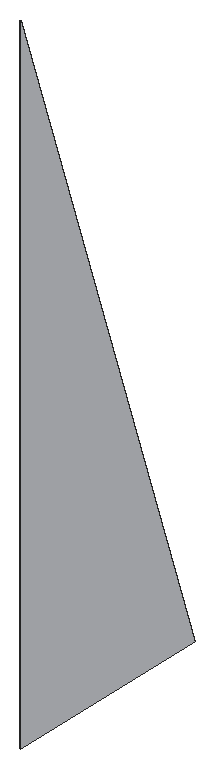
Revit family "sm_triangle", category Generic Models, host Face, Revit 2024
Family settings
  Host = Face
  Can host rebar = No
  Round Connector Dimension = Use Diameter
  Part Type = Normal
  Cut with Voids When Loaded = No
  Maintain Annotation Orientation = No
  Shared = No
  Room Calculation Point = No
Parameters
  width [instance] = 1' - 0"
  thickness [instance] = 0' - 0 1/16"
  material = none
  length [instance] = 3' - 0"
  Default Elevation = 4' - 0"
Reference planes (in)
  plane 1 "Center (Front/Back)": y = 0
  plane 2: z = 0
  plane 3 "Center (Left/Right)": x = 0
  plane 4: y = 6
  plane 5: z = 36
  plane 6: y = -6
  plane 7: x = -0.03125
  plane 8: x = 0.03125
Forms (in)
  Extrusion 1, solid, material <- "material"
    sketch origin (-0.03125, 4.47618, 48) x (0, 1, 0) y (0, 0, 1)
      loop
        line (1.52382, -48) -> (-10.47618, -12) -> (-10.47618, -48) -> (1.52382, -48)
    from 0 to 0.0625 <- "thickness"
Dimensions and locks (in)
  equal spacing: plane 4, plane 1 "Center (Front/Back)", plane 6  (x2)
  "length": plane 5 to host face
  "thickness": plane 7 to plane 8
  equal spacing: plane 7, plane 3 "Center (Left/Right)", plane 8
  plane 6 to plane 4 = 1' - 0"
  "width": plane 4 to plane 6
  aligned and locked: plane 2 to host face
  aligned and locked: level to host face
  aligned and locked: Extrusion 1 sketch curve to plane 6
  aligned and locked: host face to Extrusion 1 sketch curve
  aligned and locked: plane 5 to Extrusion 1 sketch curve
Automatic sketch dimensions
  host sketch curve to host sketch curve = 8' - 0"  (x2)
  Extrusion 1 sketch curve to plane 4 = 0' - 0"
